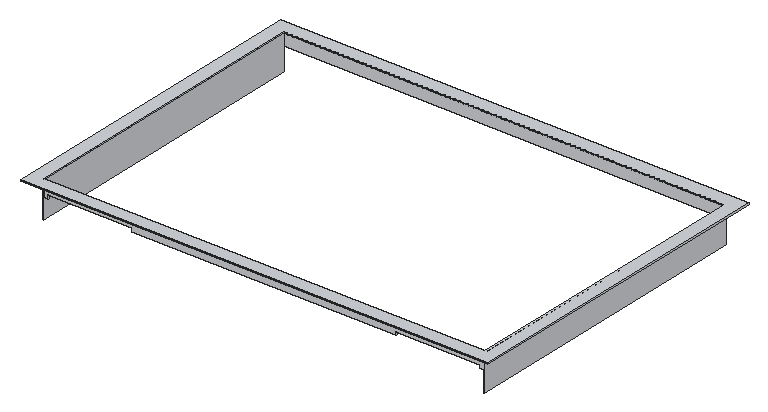
Revit family "DRSQT38", category Generic Models, host Face, Revit 2019
Family settings
  Host = Face
  Can host rebar = No
  Round Connector Dimension = Use Diameter
  Part Type = Normal
  Cut with Voids When Loaded = No
  Shared = No
  Room Calculation Point = No
Parameters
  Default Elevation = 48.00"
Reference planes (in)
  plane 1 "Center (Front/Back)": y = 0
  plane 2: z = 0
  plane 3 "Center (Left/Right)": x = 0
Forms (in)
  Extrusion 1, solid
    sketch origin (0, 0, 0) x (1, 0, 0) y (0, 1, 0)
      loop
        line (17.77788, 12.4019) -> (-17.77787, 12.4019) -> (-17.77787, -12.4039) -> (17.77788, -12.4039) -> (17.77788, 12.4019)
      loop
        line (16.77788, 11.402) -> (-16.77787, 11.402) -> (-16.77787, -11.402) -> (16.77788, -11.402) -> (16.77788, 11.402)
    from 0 to 0.09
  Extrusion 2, solid
    sketch origin (0, 0, 0) x (1, 0, 0) y (0, 1, 0)
      loop
        line (16.77788, 11.402) -> (-16.77787, 11.402) -> (-16.77787, -11.402) -> (16.77788, -11.402) -> (16.77788, 11.402)
      loop
        line (16.83888, 11.457) -> (-16.83887, 11.457) -> (-16.83887, -11.4649) -> (16.83888, -11.4649) -> (16.83888, 11.457)
    from 0 to -2.6891
  Extrusion 3, void
    sketch origin (0, 0, 0) x (1, 0, 0) y (0, 0, 1)
      loop
        line (-16.77787, -0.9092) -> (-16.77787, -2.6891) -> (16.77788, -2.6891) -> (16.77788, -0.9092) -> (-16.77787, -0.9092)
    from -15.34002 to 0
  Extrusion 4, void
    sketch origin (0, 0, -1.0291) x (1, 0, 0) y (0, 0, 1)
      loop
        line (-16.41603, 0.1199) -> (-16.41603, -0.1301) -> (-16.77787, -0.1301) -> (-16.77787, -1.66) -> (16.77788, -1.66) -> (16.77788, -0.1301) -> (16.41603, -0.1301) -> (16.41603, 0.1199) -> (10.04103, 0.1199) -> (10.04103, -0.1301) -> (-10.04103, -0.1301) -> (-10.04103, 0.1199) -> (-16.41603, 0.1199)
    from 0 to 15.4467
Cuts and joins
  Extrusion 3, Extrusion 4 cuts Extrusion 2
Dimensions and locks (in)
  aligned and locked: plane 2 to host face
  aligned and locked: level to host face
